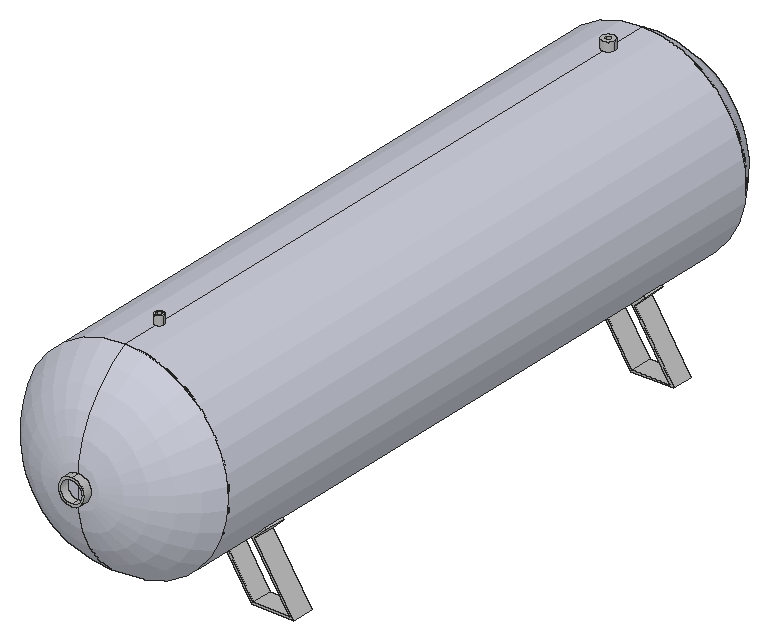
Revit family "MIT Horizontal Air Tank-300L ", category Specialty Equipment, Revit 2022
Family settings
  Round Connector Dimension = Use Diameter
  Part Type = Normal
  Work Plane-Based = Yes
  Always vertical = No
  Cut with Voids When Loaded = No
  Maintain Annotation Orientation = No
  Shared = No
  Room Calculation Point = No
Parameters (values of type "300L- Horizontal Air Tank")
  URL = "https://en.ekinendustriyel.com/pressurized-air-tanks"
  Model = "300L- Horizontal Air Tank"
  Manufacturer = "Ekin Endüstriyel"
  Keynote = "Air Tanks"
  Description = "MIT- Horizontal Air Tank"
  Default Elevation = 0 mm
Reference planes
  plane 1 "Center (Front/Back)": y = 0
  plane 2: z = 0
  plane 3 "Center (Left/Right)": x = 0
  plane 4: y = 750
  plane 5: y = -750
Forms (mm)
  Revolve 1, solid, material "Ekin Endüstriyel_P265GH", detail levels medium+fine
    sketch origin (0, 0, 0) x (0, 1, 0) y (0, 0, 1)
      loop
        line (-887.475, 325) -> (887.475, 325)
        arc (887.475, 325) -> (853.406, 464.859) -> (750, 565) r 259.314
        line (750, 565) -> (-750, 565)
        arc (-750, 565) -> (-853.406, 464.859) -> (-887.475, 325) r 259.314
      axis (-887.475, 325) -> (887.475, 325)
    angle from 0 to 360
  Extrusion 2, solid, material "Ekin Endüstriyel_S235JR", detail levels coarse
    sketch origin (275, 575, 0) x (-1, 0, 0) y (0, 0, -1)
      loop
        line (418.808, -165) -> (525.96, 0) -> (24.04, 0) -> (131.192, -165) -> (418.808, -165)
    from 0 to 50
  Extrusion 3, solid, material "Ekin Endüstriyel_S235JR", detail levels coarse
    sketch origin (275, 525, 0) x (-1, 0, 0) y (0, 0, 1)
      loop
        line (420, 148.607) -> (130, 148.607) -> (130, 0) -> (420, 0) -> (420, 148.607)
    from 0 to 50
  Extrusion 4, solid, material "Ekin Endüstriyel_S235JR", detail levels medium
    sketch origin (275, -829.961, 129.5) x (-1, 0, 0) y (0, 0, -1)
      loop
        circle (275, -195.5) r 30
    from 57.538 to 77.499
  Extrusion 5, solid, material "Ekin Endüstriyel_S235JR", detail levels medium
    sketch origin (275, 829.965, 129.5) x (-1, 0, 0) y (0, 0, 1)
      loop
        circle (275, 195.5) r 30
    from 57.535 to 77.5
  Extrusion 6, solid, material "Ekin Endüstriyel_S235JR", detail levels medium
    sketch origin (275, -845.5, 175.506) x (0, 1, 0) y (-1, 0, 0)
      loop
        circle (195.5, 275) r 15
    from -110.467 to -90.507
  Extrusion 7, solid, material "Ekin Endüstriyel_S235JR", detail levels medium
    sketch origin (0, 400, 219.497) x (1, 0, 0) y (0, 1, 0)
      loop
        circle (0, 250) r 15
    from 345.503 to 365
  Extrusion 8, solid, material "Ekin Endüstriyel_S235JR", detail levels medium
    sketch origin (0, -403.175, 219.437) x (1, 0, 0) y (0, 1, 0)
      loop
        circle (0, -250) r 10
    from 345.563 to 365
  Extrusion 9, solid, material "Ekin Endüstriyel_S235JR", detail levels fine
    sketch origin (275, -992.461, 129.5) x (-1, 0, 0) y (0, 0, -1)
      loop
        circle (275, -195.5) r 25.4
      loop
        circle (275, -195.5) r 30
    from -104.961 to -85
  Extrusion 10, solid, material "Ekin Endüstriyel_S235JR", detail levels fine
    sketch origin (275, 992.465, 129.5) x (-1, 0, 0) y (0, 0, 1)
      loop
        circle (275, 195.5) r 30
      loop
        circle (275, 195.5) r 25.4
    from -104.965 to -85
  Extrusion 11, solid, material "Ekin Endüstriyel_S235JR", detail levels fine
    sketch origin (275, -845.5, 175.506) x (0, 1, 0) y (-1, 0, 0)
      loop
        circle (195.5, 275) r 15
      loop
        circle (195.5, 275) r 6.35
    from -110.467 to -90.507
  Extrusion 12, solid, material "Ekin Endüstriyel_S235JR", detail levels fine
    sketch origin (0, 400, 219.497) x (1, 0, 0) y (0, 1, 0)
      loop
        circle (0, 250) r 6.35
      loop
        circle (0, 250) r 15
    from 345.503 to 365
  Extrusion 13, solid, material "Ekin Endüstriyel_S235JR", detail levels fine
    sketch origin (0, -403.175, 219.437) x (1, 0, 0) y (0, 1, 0)
      loop
        circle (0, -250) r 10
      loop
        circle (0, -250) r 6.35
    from 345.563 to 365
  Extrusion 14, solid, material "Ekin Endüstriyel_S235JR", detail levels fine
    sketch origin (275, 525, 0) x (-1, 0, 0) y (0, 0, 1)
      loop
        arc (457.062, 168.624) -> (443.445, 154.043) -> (428.663, 140.643) r 240
        line (428.663, 140.643) -> (516.751, 5) -> (429.978, 5) -> (366.305, 103.047)
        arc (366.305, 103.047) -> (352.413, 97.828) -> (338.225, 93.478) r 240
        line (338.225, 93.478) -> (339.542, 88.654)
        arc (339.542, 88.654) -> (352.057, 92.433) -> (364.352, 96.874) r 245
        line (364.352, 96.874) -> (427.263, 0) -> (525.96, 0) -> (435.252, 139.678)
        arc (435.252, 139.678) -> (448.529, 152.047) -> (460.855, 165.366) r 245
        line (460.855, 165.366) -> (457.062, 168.624)
      loop
        line (92.938, 168.624) -> (89.145, 165.366)
        arc (89.145, 165.366) -> (101.471, 152.047) -> (114.748, 139.678) r 245
        line (114.748, 139.678) -> (24.04, 0) -> (122.737, 0) -> (185.648, 96.874)
        arc (185.648, 96.874) -> (197.943, 92.433) -> (210.458, 88.654) r 245
        line (210.458, 88.654) -> (211.775, 93.478)
        arc (211.775, 93.478) -> (197.587, 97.828) -> (183.695, 103.047) r 240
        line (183.695, 103.047) -> (120.022, 5) -> (33.249, 5) -> (121.337, 140.643)
        arc (121.337, 140.643) -> (106.555, 154.043) -> (92.938, 168.624) r 240
    from 0 to 50
  Extrusion 15, solid, material "Ekin Endüstriyel_S235JR", detail levels coarse
    sketch origin (0, 0, 0) x (1, 0, 0) y (0, 0, 1)
      loop
        circle (0, 325) r 240
    from -887.5 to 887.499
  Extrusion 16, solid, material "Ekin Endüstriyel_S235JR", detail levels medium
    sketch origin (275, 525, 0) x (-1, 0, 0) y (0, 0, 1)
      loop
        line (525.96, 0) -> (432.857, 143.366) -> (428.663, 140.643) -> (516.751, 5) -> (33.249, 5) -> (121.337, 140.643) -> (117.143, 143.366) -> (24.04, 0) -> (525.96, 0)
    from 0 to 50
  Extrusion 17, solid, material "Ekin Endüstriyel_S235JR", detail levels coarse
    sketch origin (275, -575, 0) x (-1, 0, 0) y (0, 0, 1)
      loop
        line (412.158, 175.239) -> (137.842, 175.239) -> (24.04, 0) -> (525.96, 0) -> (412.158, 175.239)
    from 0 to 50
  Extrusion 18, solid, material "Ekin Endüstriyel_S235JR", detail levels fine
    sketch origin (275, -525, 0) x (-1, 0, 0) y (0, 0, -1)
      loop
        line (457.062, -168.624) -> (460.855, -165.366)
        arc (460.855, -165.366) -> (448.529, -152.047) -> (435.252, -139.678) r 245
        line (435.252, -139.678) -> (525.96, 0) -> (427.263, 0) -> (364.352, -96.874)
        arc (364.352, -96.874) -> (352.057, -92.433) -> (339.542, -88.654) r 245
        line (339.542, -88.654) -> (338.225, -93.478)
        arc (338.225, -93.478) -> (352.413, -97.828) -> (366.305, -103.047) r 240
        line (366.305, -103.047) -> (429.978, -5) -> (516.751, -5) -> (428.663, -140.643)
        arc (428.663, -140.643) -> (443.445, -154.043) -> (457.062, -168.624) r 240
      loop
        arc (92.938, -168.624) -> (106.555, -154.043) -> (121.337, -140.643) r 240
        line (121.337, -140.643) -> (33.249, -5) -> (120.022, -5) -> (183.695, -103.047)
        arc (183.695, -103.047) -> (197.587, -97.828) -> (211.775, -93.478) r 240
        line (211.775, -93.478) -> (210.458, -88.654)
        arc (210.458, -88.654) -> (197.943, -92.433) -> (185.648, -96.874) r 245
        line (185.648, -96.874) -> (122.737, 0) -> (24.04, 0) -> (114.748, -139.678)
        arc (114.748, -139.678) -> (101.471, -152.047) -> (89.145, -165.366) r 245
        line (89.145, -165.366) -> (92.938, -168.624)
    from 0 to 50
  Extrusion 19, solid, material "Ekin Endüstriyel_S235JR", detail levels medium
    sketch origin (275, -525, 0) x (-1, 0, 0) y (0, 0, -1)
      loop
        line (525.96, 0) -> (24.04, 0) -> (117.143, -143.366) -> (121.337, -140.643) -> (33.249, -5) -> (516.751, -5) -> (428.663, -140.643) -> (432.857, -143.366) -> (525.96, 0)
    from 0 to 50
Cuts and joins
  joined: Extrusion 4, Extrusion 5
  joined: Extrusion 2, Extrusion 3, Extrusion 15, Extrusion 17
Dimensions and locks
  equal spacing: plane 4, plane 1 "Center (Front/Back)", plane 5
  plane 1 "Center (Front/Back)" to plane 5 = 750 mm
  aligned and locked: level to plane 2
Connectors
  piping at (0, 650, 584.497), diameter 12.7
    settings: on Extrusion 7, index 1, connector inside diameter 609.6 mm, connector length 0 mm, flow factor 0, pipe flow 0.0 m³/h, pressure drop 0.0 bar, fitting loss kfactor 0, connector angle 0.00°, fixture units 0, engagement length 0 mm, angle of deflection 0.00°, flow configuration 0, flow direction 0, fitting loss method 0, system type 7, joint type 0, gender type 0, connector reference index -1, connector utility 0, adjustable connector no, is connector primary yes, connector description ""
  piping at (0, 907.465, 325), diameter 50.8
    settings: on cut or joined group of Extrusion 4, Extrusion 5, index 2, connector inside diameter 609.6 mm, connector length 0 mm, flow factor 0, pipe flow 0.0 m³/h, pressure drop 0.0 bar, fitting loss kfactor 0, connector angle 0.00°, fixture units 0, engagement length 0 mm, angle of deflection 0.00°, flow configuration 0, flow direction 0, fitting loss method 0, system type 7, joint type 0, gender type 0, connector reference index -1, connector utility 0, adjustable connector no, is connector primary no, connector description ""
  piping at (0, -650, 65.039), diameter 12.7
    settings: on Extrusion 6, index 3, connector inside diameter 609.6 mm, connector length 0 mm, flow factor 0, pipe flow 0.0 m³/h, pressure drop 0.0 bar, fitting loss kfactor 0, connector angle 0.00°, fixture units 0, engagement length 0 mm, angle of deflection 0.00°, flow configuration 0, flow direction 0, fitting loss method 0, system type 7, joint type 0, gender type 0, connector reference index -1, connector utility 0, adjustable connector no, is connector primary no, connector description ""
  piping at (0, -907.461, 325), diameter 50.8
    settings: on cut or joined group of Extrusion 4, Extrusion 5, index 4, connector inside diameter 609.6 mm, connector length 0 mm, flow factor 0, pipe flow 0.0 m³/h, pressure drop 0.0 bar, fitting loss kfactor 0, connector angle 0.00°, fixture units 0, engagement length 0 mm, angle of deflection 0.00°, flow configuration 0, flow direction 0, fitting loss method 0, system type 7, joint type 0, gender type 0, connector reference index -1, connector utility 0, adjustable connector no, is connector primary no, connector description ""
  piping at (0, -653.175, 584.437), diameter 12.7
    settings: on Extrusion 8, index 5, connector inside diameter 609.6 mm, connector length 0 mm, flow factor 0, pipe flow 0.0 m³/h, pressure drop 0.0 bar, fitting loss kfactor 0, connector angle 0.00°, fixture units 0, engagement length 0 mm, angle of deflection 0.00°, flow configuration 0, flow direction 0, fitting loss method 0, system type 7, joint type 0, gender type 0, connector reference index -1, connector utility 0, adjustable connector no, is connector primary no, connector description ""
